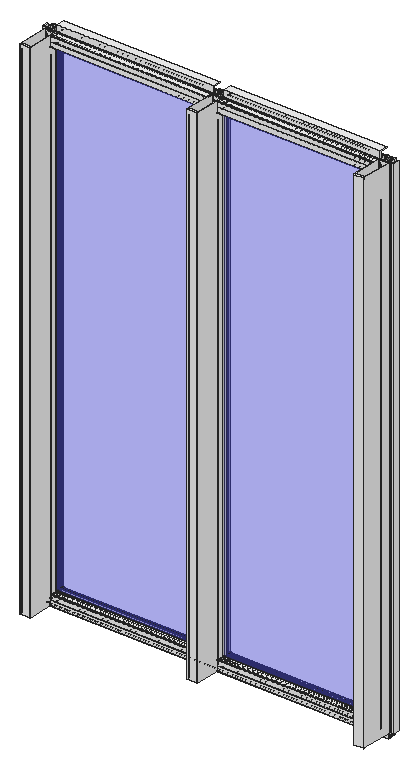
Revit family "Facade_60_Curtain_Wall_S21_Custom", category Windows, host Wall, Revit 2014 (continued)
Definition of nested family "F60 Vertical Profile Side_S21_Cust"
  Automatic sketch dimensions
    Extrusion 9 sketch curve to plane 1 "Center (Front/Back)" = 0.385 mm  (x2)
    Extrusion 9 sketch curve to Extrusion 9 sketch curve = 0.756 mm
    Extrusion 9 sketch curve to Extrusion 9 sketch curve = 2.153 mm
    Extrusion 9 sketch curve to Extrusion 9 sketch curve = 0.631 mm
    Extrusion 9 sketch curve to Extrusion 9 sketch curve = 0.807 mm
    Extrusion 9 sketch curve to Extrusion 9 sketch curve = 1.646 mm
    Extrusion 9 sketch curve to Extrusion 9 sketch curve = 0.707 mm
    Extrusion 9 sketch curve to Extrusion 9 sketch curve = 1.393 mm
    Extrusion 9 sketch curve to Extrusion 9 sketch curve = 1.923 mm
    Extrusion 9 sketch curve to Extrusion 9 sketch curve = 11.937 mm
    Extrusion 9 sketch curve to Extrusion 9 sketch curve = 1.6 mm
    Extrusion 9 sketch curve to Extrusion 9 sketch curve = 0.9 mm  (x2)
    Extrusion 9 sketch curve to Extrusion 9 sketch curve = 1.356 mm  (x2)
    Extrusion 9 sketch curve to Extrusion 9 sketch curve = 0.714 mm
    Extrusion 9 sketch curve to Extrusion 9 sketch curve = 0.02 mm
    Extrusion 9 sketch curve to Extrusion 9 sketch curve = 0.399 mm
    Extrusion 9 sketch curve to Extrusion 9 sketch curve = 2.224 mm
    Extrusion 9 sketch curve to Extrusion 9 sketch curve = 0.448 mm
    Extrusion 9 sketch curve to plane 1 "Center (Front/Back)" = 0.198 mm
    Extrusion 9 sketch curve to plane 1 "Center (Front/Back)" = 0.201 mm
    Extrusion 9 sketch curve to Extrusion 9 sketch curve = 0.032 mm
    Extrusion 9 sketch curve to Extrusion 9 sketch curve = 0 mm
    plane 3 "Center (Left/Right)" to Extrusion 10 sketch curve = 1.014 mm
    Extrusion 10 sketch curve to Extrusion 10 sketch curve = 0.469 mm  (x2)
    plane 3 "Center (Left/Right)" to Extrusion 10 sketch curve = 1.706 mm
    Extrusion 10 sketch curve to Extrusion 10 sketch curve = 1.079 mm
    Extrusion 10 sketch curve to Extrusion 10 sketch curve = 0.864 mm
    Extrusion 10 sketch curve to Extrusion 10 sketch curve = 1.15 mm  (x4)
    Extrusion 10 sketch curve to Extrusion 10 sketch curve = 3.2 mm  (x2)
    Extrusion 10 sketch curve to Extrusion 10 sketch curve = 3.031 mm  (x2)
    Extrusion 10 sketch curve to Extrusion 10 sketch curve = 0.6 mm  (x3)
    Extrusion 10 sketch curve to Extrusion 10 sketch curve = 15.584 mm  (x2)
    Extrusion 10 sketch curve to Extrusion 10 sketch curve = 0.808 mm  (x2)
    Extrusion 10 sketch curve to Extrusion 10 sketch curve = 3.038 mm
    Extrusion 10 sketch curve to Extrusion 10 sketch curve = 0.865 mm
    Extrusion 10 sketch curve to Extrusion 10 sketch curve = 1.25 mm  (x5)
    Extrusion 10 sketch curve to Extrusion 10 sketch curve = 0.61 mm
    plane 1 "Center (Front/Back)" to Extrusion 10 sketch curve = 31.288 mm
    Extrusion 10 sketch curve to Extrusion 10 sketch curve = 0.362 mm
    plane 1 "Center (Front/Back)" to Extrusion 10 sketch curve = 31.65 mm
    Extrusion 10 sketch curve to Extrusion 10 sketch curve = 0.962 mm
    Extrusion 10 sketch curve to Extrusion 10 sketch curve = 0.85 mm
    Extrusion 10 sketch curve to Extrusion 10 sketch curve = 0.512 mm  (x2)
    Extrusion 10 sketch curve to Extrusion 10 sketch curve = 0.4 mm  (x2)
    Extrusion 10 sketch curve to Extrusion 10 sketch curve = 1 mm
    Extrusion 10 sketch curve to Extrusion 10 sketch curve = 2.8 mm
    Extrusion 10 sketch curve to Extrusion 10 sketch curve = 0 mm  (x2)
    Extrusion 10 sketch curve to Extrusion 10 sketch curve = 1.4 mm
    Extrusion 10 sketch curve to Extrusion 10 sketch curve = 0.539 mm  (x2)
    plane 1 "Center (Front/Back)" to Extrusion 10 sketch curve = 28.864 mm
    Extrusion 11 sketch curve to plane 3 "Center (Left/Right)" = 0 mm
    plane 3 "Center (Left/Right)" to Extrusion 11 sketch curve = 0.65 mm
    Extrusion 11 sketch curve to Extrusion 11 sketch curve = 0.128 mm  (x2)
    plane 3 "Center (Left/Right)" to Extrusion 11 sketch curve = 1.014 mm
    plane 3 "Center (Left/Right)" to Extrusion 11 sketch curve = 1.05 mm
    Extrusion 11 sketch curve to Extrusion 11 sketch curve = 0.469 mm  (x2)
    Extrusion 11 sketch curve to Extrusion 11 sketch curve = 1.079 mm
    Extrusion 11 sketch curve to Extrusion 11 sketch curve = 1.317 mm  (x2)
    Extrusion 11 sketch curve to Extrusion 11 sketch curve = 0 mm  (x3)
    plane 3 "Center (Left/Right)" to Extrusion 11 sketch curve = 3.85 mm
    Extrusion 11 sketch curve to Extrusion 11 sketch curve = 0.15 mm  (x2)
    Extrusion 11 sketch curve to Extrusion 11 sketch curve = 26 mm  (x2)
    Extrusion 11 sketch curve to Extrusion 11 sketch curve = 1.05 mm
    Extrusion 11 sketch curve to Extrusion 11 sketch curve = 0.707 mm
    Extrusion 11 sketch curve to Extrusion 11 sketch curve = 0.433 mm
    plane 1 "Center (Front/Back)" to Extrusion 11 sketch curve = 31.288 mm
    plane 1 "Center (Front/Back)" to Extrusion 11 sketch curve = 28.065 mm
    Extrusion 11 sketch curve to Extrusion 11 sketch curve = 1.314 mm
    Extrusion 11 sketch curve to Extrusion 11 sketch curve = 0.65 mm
    Extrusion 11 sketch curve to Extrusion 11 sketch curve = 0.5 mm  (x2)
    plane 1 "Center (Front/Back)" to Extrusion 11 sketch curve = 32.75 mm
    Extrusion 11 sketch curve to Extrusion 11 sketch curve = 0.1 mm  (x3)
    Extrusion 11 sketch curve to Extrusion 11 sketch curve = 1.1 mm  (x2)
    Extrusion 11 sketch curve to Extrusion 11 sketch curve = 8.608 mm
    Extrusion 11 sketch curve to Extrusion 11 sketch curve = 0.962 mm
    Extrusion 12 sketch curve to plane 3 "Center (Left/Right)" = 21.349 mm
    Extrusion 12 sketch curve to Extrusion 12 sketch curve = 6.35 mm
    plane 3 "Center (Left/Right)" to Extrusion 12 sketch curve = 10.403 mm
    plane 1 "Center (Front/Back)" to Extrusion 12 sketch curve = 35.567 mm
    plane 1 "Center (Front/Back)" to Extrusion 12 sketch curve = 10.171 mm
    plane 1 "Center (Front/Back)" to Extrusion 12 sketch curve = 3.821 mm
    Extrusion 13 sketch curve to plane 3 "Center (Left/Right)" = 21.35 mm
    Extrusion 13 sketch curve to Extrusion 13 sketch curve = 6.35 mm
    plane 3 "Center (Left/Right)" to Extrusion 13 sketch curve = 10.402 mm
    plane 1 "Center (Front/Back)" to Extrusion 13 sketch curve = 33.172 mm
    plane 1 "Center (Front/Back)" to Extrusion 13 sketch curve = 7.775 mm
    plane 1 "Center (Front/Back)" to Extrusion 13 sketch curve = 1.425 mm
    Extrusion 14 sketch curve to plane 3 "Center (Left/Right)" = 0 mm
    plane 3 "Center (Left/Right)" to Extrusion 14 sketch curve = 1.2 mm
    Extrusion 14 sketch curve to Extrusion 14 sketch curve = 9.6 mm
    Extrusion 14 sketch curve to Extrusion 14 sketch curve = 1.2 mm  (x3)
    plane 1 "Center (Front/Back)" to Extrusion 14 sketch curve = 25.775 mm
    plane 1 "Center (Front/Back)" to Extrusion 14 sketch curve = 8.975 mm
    curve 4 to Extrusion 6 = 0 mm
    curve 3 to Extrusion 6 = 0 mm
    curve 1 to Extrusion 6 = 0 mm
    curve 4 to Extrusion 6 = 3.6 mm
    curve 3 to Extrusion 6 = 3.6 mm
    curve 1 to Extrusion 6 = 3.6 mm
    Extrusion 6 to curve 2 = 1 mm
    Extrusion 6 to curve 5 = 1 mm
    Extrusion 6 to curve 6 = 1 mm
    curve 6 to Extrusion 6 = 1 mm
    curve 5 to Extrusion 6 = 1 mm
    curve 2 to Extrusion 6 = 1 mm
    curve 9 to Extrusion 6 = 0 mm
    curve 8 to Extrusion 6 = 0 mm
    curve 7 to Extrusion 6 = 0 mm
    Extrusion 6 to curve 8 = 3.6 mm
    Extrusion 6 to curve 9 = 3.6 mm
    Extrusion 6 to curve 7 = 3.6 mm
    curve 12 to Extrusion 5 = 25.894 mm
    curve 11 to Extrusion 5 = 25.894 mm
    curve 10 to Extrusion 5 = 25.894 mm
    curve 10 to Extrusion 5 = 0.108 mm
    Extrusion 5 to curve 12 = 0.703 mm
    Extrusion 5 to curve 11 = 0.703 mm
    curve 13 to Extrusion 5 = 4 mm
    curve 14 to Extrusion 5 = 4 mm
    curve 15 to Extrusion 5 = 4 mm
    Extrusion 5 to curve 15 = 0.702 mm
    Extrusion 5 to curve 14 = 0.702 mm
    Extrusion 5 to curve 13 = 0.702 mm
    curve 18 to Extrusion 7 = 0 mm
    curve 17 to Extrusion 7 = 0 mm
    curve 16 to Extrusion 7 = 0 mm
    Extrusion 7 to curve 17 = 3.6 mm
    Extrusion 7 to curve 18 = 3.6 mm
    Extrusion 7 to curve 16 = 3.6 mm
    Extrusion 7 to curve 21 = 1 mm  (x2)
    Extrusion 7 to curve 20 = 1 mm  (x2)
    Extrusion 7 to curve 19 = 1 mm  (x2)
    curve 24 to Extrusion 7 = 0 mm
    curve 23 to Extrusion 7 = 0 mm
    curve 22 to Extrusion 7 = 0 mm
    curve 24 to Extrusion 7 = 3.6 mm
    curve 23 to Extrusion 7 = 3.6 mm
    curve 22 to Extrusion 7 = 3.6 mm
    curve 27 to Extrusion 8 = 0 mm
    curve 26 to Extrusion 8 = 0 mm
    curve 25 to Extrusion 8 = 0 mm
    Extrusion 8 to curve 26 = 3.6 mm
    Extrusion 8 to curve 27 = 3.6 mm
    Extrusion 8 to curve 25 = 3.6 mm
    Extrusion 8 to curve 30 = 0.221 mm
    Extrusion 8 to curve 29 = 0.221 mm
    Extrusion 8 to curve 28 = 0.221 mm
    curve 29 to Extrusion 8 = 0.222 mm
    curve 30 to Extrusion 8 = 0.222 mm
    curve 28 to Extrusion 8 = 0.222 mm
    curve 33 to Extrusion 8 = 0 mm
    curve 32 to Extrusion 8 = 0 mm
    curve 31 to Extrusion 8 = 0 mm
    curve 33 to Extrusion 8 = 3.6 mm
    curve 32 to Extrusion 8 = 3.6 mm
    curve 31 to Extrusion 8 = 3.6 mm
    curve 34 to Extrusion 11 = 4.016 mm
    curve 35 to Extrusion 11 = 4.016 mm
    curve 36 to Extrusion 11 = 3.97 mm
    Extrusion 11 to curve 36 = 0.637 mm
    Extrusion 11 to curve 35 = 0.637 mm
    Extrusion 11 to curve 34 = 0.637 mm
    curve 37 to Extrusion 11 = 29.221 mm
    curve 38 to Extrusion 11 = 29.221 mm
    curve 39 to Extrusion 11 = 29.221 mm
    Extrusion 11 to curve 39 = 3.222 mm
    Extrusion 11 to curve 38 = 3.222 mm
    Extrusion 11 to curve 37 = 3.222 mm
Definition of nested family "F60 Horizontal Profile Top_S21_Cust"
  Parameters (values of type "F60 Horizontal Profile Top")
    Thermal Break Material [instance] = none
    Single Glazing [instance] = yes
    Profile Material [instance] = none
    Length [instance] = 250 mm
    Double Glazing [instance] = yes
  Reference planes
    plane 1 "Center (Front/Back)": y = 0
    plane 2: z = 0
    plane 3 "Center (Left/Right)": x = 0
  Forms (mm)
    Extrusion 1, solid, material <- "Profile Material"
      sketch origin (0, 0, 0) x (0, 1, 0) y (0, 0, 1)
        loop
          line (-9.94, 7.845) -> (-8.37, 6.275) -> (-1.2, 10.415) -> (-1.2, 1.2) -> (-5, 1.2) -> (-5, 0) -> (-1, 0)
          arc (-1, 0) -> (-0.293, 0.293) -> (0, 1) r 1
          line (0, 1) -> (0, 30) -> (0, 59)
          arc (0, 59) -> (-0.293, 59.707) -> (-1, 60) r 1
          line (-1, 60) -> (-5, 60) -> (-5, 58.8) -> (-1.2, 58.8) -> (-1.2, 49.585) -> (-8.37, 53.725) -> (-9.94, 52.155)
          arc (-9.94, 52.155) -> (-9.902, 51.269) -> (-9.016, 51.232) r 0.655
          line (-9.016, 51.232) -> (-8.077, 52.17) -> (-1.2, 48.2) -> (-1.2, 30) -> (-1.2, 11.8) -> (-8.077, 7.83) -> (-9.016, 8.768)
          arc (-9.016, 8.768) -> (-9.902, 8.731) -> (-9.94, 7.845) r 0.655
      from 0 to 250 <- "Length"
    Extrusion 2, solid, material <- "Profile Material"
      sketch origin (0, 0, 0) x (0, 1, 0) y (0, 0, 1)
        loop
          line (-5, 60) -> (-44.6, 60) -> (-44.6, 58.35) -> (-39.944, 58.35) -> (-39.944, 1.65) -> (-44.6, 1.65) -> (-44.6, 0) -> (-5, 0) -> (-5, 2.2) -> (-4.2, 2.2) -> (-4.2, 3.018)
          arc (-4.2, 3.018) -> (-4.352, 3.783) -> (-4.786, 4.432) r 2
          line (-4.786, 4.432) -> (-7.054, 6.7) -> (-8, 6.489) -> (-8, 5.7) -> (-7.205, 5.7) -> (-7.205, 2.95) -> (-8, 2.95) -> (-8, 1.95) -> (-12.752, 1.95) -> (-12.752, 6.7) -> (-14.152, 6.7) -> (-14.152, 1.65) -> (-38.65, 1.65) -> (-38.65, 8.33) -> (-37.097, 8.33) -> (-34.666, 6.973)
          arc (-34.666, 6.973) -> (-33.846, 7.192) -> (-34.066, 8.012) r 0.6
          line (-34.066, 8.012) -> (-37.128, 9.78) -> (-38.65, 9.78) -> (-38.65, 12.65) -> (-37.6, 13.7) -> (-37.6, 20.3) -> (-38.65, 21.35) -> (-38.65, 38.65) -> (-37.6, 39.7) -> (-37.6, 46.3) -> (-38.65, 47.35) -> (-38.65, 50.22) -> (-37.128, 50.22) -> (-34.066, 51.988)
          arc (-34.066, 51.988) -> (-33.846, 52.808) -> (-34.666, 53.027) r 0.6
          line (-34.666, 53.027) -> (-37.032, 51.661) -> (-38.65, 51.661) -> (-38.65, 58.35) -> (-14.152, 58.35) -> (-14.152, 53.3) -> (-12.752, 53.3) -> (-12.752, 58.05) -> (-8, 58.05) -> (-8, 57.05) -> (-7.205, 57.05) -> (-7.205, 54.3) -> (-8, 54.3) -> (-8, 53.511) -> (-7.054, 53.3) -> (-4.786, 55.568)
          arc (-4.786, 55.568) -> (-4.352, 56.217) -> (-4.2, 56.982) r 2
          line (-4.2, 56.982) -> (-4.2, 57.8) -> (-5, 57.8) -> (-5, 60)
      from 0 to 250 <- "Length"
    Extrusion 3, solid, material <- "Thermal Break Material"
      sketch origin (0, 0, 0) x (0, 1, 0) y (0, 0, 1)
        loop
          line (-40, 1.75) -> (-40, 30) -> (-40, 58.25) -> (-44.6, 58.25) -> (-44.6, 60) -> (-45.9, 60) -> (-45.9, 53.65) -> (-41.788, 53.65)
          arc (-41.788, 53.65) -> (-41.363, 53.474) -> (-41.187, 53.05) r 0.6
          line (-41.187, 53.05) -> (-41.187, 30) -> (-41.187, 6.95)
          arc (-41.187, 6.95) -> (-41.363, 6.526) -> (-41.788, 6.35) r 0.6
          line (-41.788, 6.35) -> (-45.9, 6.35) -> (-45.9, 0) -> (-44.6, 0) -> (-44.6, 1.75) -> (-40, 1.75)
      from 0 to 250 <- "Length"
    Extrusion 4, solid, material <- "Profile Material"
      sketch origin (0, 0, 0) x (0, 1, 0) y (0, 0, 1)
        loop
          line (-58.5, 25.249) -> (-43.6, 25.249)
          arc (-43.6, 25.249) -> (-43.034, 25.015) -> (-42.8, 24.449) r 0.8
          line (-42.8, 24.449) -> (-42.8, 7.9) -> (-44.4, 7.9) -> (-44.4, 9.45) -> (-45.25, 9.45)
          arc (-45.25, 9.45) -> (-45.674, 9.274) -> (-45.85, 8.85) r 0.6
          line (-45.85, 8.85) -> (-45.85, 7.9) -> (-48.8, 7.9)
          arc (-48.8, 7.9) -> (-49.3, 8.4) -> (-49.8, 7.9) r 0.5
          line (-49.8, 7.9) -> (-49.8, 5.55) -> (-48.65, 5.55) -> (-48.65, 6.7) -> (-47.35, 6.7) -> (-47.35, 1.2) -> (-48.65, 1.2) -> (-48.65, 2.35) -> (-49.8, 2.35) -> (-49.8, 0.5)
          arc (-49.8, 0.5) -> (-49.654, 0.146) -> (-49.3, 0) r 0.5
          line (-49.3, 0) -> (-45.9, 0) -> (-45.9, 6.45) -> (-42.2, 6.45)
          arc (-42.2, 6.45) -> (-41.634, 6.684) -> (-41.4, 7.25) r 0.8
          line (-41.4, 7.25) -> (-41.4, 30) -> (-41.4, 52.75)
          arc (-41.4, 52.75) -> (-41.634, 53.316) -> (-42.2, 53.55) r 0.8
          line (-42.2, 53.55) -> (-45.9, 53.55) -> (-45.9, 60) -> (-49.3, 60)
          arc (-49.3, 60) -> (-49.654, 59.854) -> (-49.8, 59.5) r 0.5
          line (-49.8, 59.5) -> (-49.8, 57.65) -> (-48.65, 57.65) -> (-48.65, 58.8) -> (-47.35, 58.8) -> (-47.35, 53.3) -> (-48.65, 53.3) -> (-48.65, 54.45) -> (-49.8, 54.45) -> (-49.8, 52.1)
          arc (-49.8, 52.1) -> (-49.3, 51.6) -> (-48.8, 52.1) r 0.5
          line (-48.8, 52.1) -> (-45.85, 52.1) -> (-45.85, 51.15)
          arc (-45.85, 51.15) -> (-45.674, 50.726) -> (-45.25, 50.55) r 0.6
          line (-45.25, 50.55) -> (-44.4, 50.55) -> (-44.4, 52.1) -> (-42.8, 52.1) -> (-42.8, 35.551)
          arc (-42.8, 35.551) -> (-43.034, 34.985) -> (-43.6, 34.751) r 0.8
          line (-43.6, 34.751) -> (-58.5, 34.751)
          arc (-58.5, 34.751) -> (-59.066, 34.516) -> (-59.3, 33.951) r 0.8
          line (-59.3, 33.951) -> (-59.3, 32.902) -> (-42.8, 32.902) -> (-42.8, 27.1) -> (-59.3, 27.1) -> (-59.3, 26.049)
          arc (-59.3, 26.049) -> (-59.066, 25.484) -> (-58.5, 25.249) r 0.8
      from 0 to 250 <- "Length"
    Extrusion 5, solid, material <- "Thermal Break Material", visible <- "Single Glazing"
      sketch origin (0, 0, 0) x (0, 1, 0) y (0, 0, 1)
        loop
          arc (-63.8, 25.751) -> (-63.654, 25.397) -> (-63.3, 25.251) r 0.5
          line (-63.3, 25.251) -> (-59.8, 25.251)
          arc (-59.8, 25.251) -> (-59.446, 25.397) -> (-59.3, 25.751) r 0.5
          line (-59.3, 25.751) -> (-59.3, 27.648) -> (-49.599, 27.648) -> (-47.528, 28.651)
          arc (-47.528, 28.651) -> (-46.803, 30.001) -> (-47.528, 31.351) r 1.62
          line (-47.528, 31.351) -> (-49.599, 32.353) -> (-59.3, 32.353) -> (-59.3, 34.251)
          arc (-59.3, 34.251) -> (-59.446, 34.604) -> (-59.8, 34.751) r 0.5
          line (-59.8, 34.751) -> (-63.3, 34.751)
          arc (-63.3, 34.751) -> (-63.654, 34.604) -> (-63.8, 34.251) r 0.5
          line (-63.8, 34.251) -> (-63.8, 32.328) -> (-62.4, 31.52) -> (-62.4, 28.483) -> (-63.8, 27.673) -> (-63.8, 25.751)
        loop
          line (-59.794, 28.506) -> (-59.006, 29.294)
          arc (-59.006, 29.294) -> (-58.788, 29.618) -> (-58.713, 30.001) r 0.986
          arc (-58.713, 30.001) -> (-58.79, 30.384) -> (-59.008, 30.71) r 1.007
          line (-59.008, 30.71) -> (-59.794, 31.496) -> (-60.65, 31.496)
          arc (-60.65, 31.496) -> (-61.004, 31.349) -> (-61.15, 30.996) r 0.5
          line (-61.15, 30.996) -> (-61.15, 29.006)
          arc (-61.15, 29.006) -> (-61.004, 28.652) -> (-60.65, 28.506) r 0.5
          line (-60.65, 28.506) -> (-59.794, 28.506)
        loop
          line (-47.854, 30.898) -> (-49.415, 31.653) -> (-56.782, 31.653)
          arc (-56.782, 31.653) -> (-57.207, 31.417) -> (-57.23, 30.932) r 0.5
          arc (-57.23, 30.932) -> (-57.013, 30.001) -> (-57.23, 29.07) r 2.099
          arc (-57.23, 29.07) -> (-57.207, 28.584) -> (-56.782, 28.348) r 0.5
          line (-56.782, 28.348) -> (-49.415, 28.348) -> (-48.055, 29.007)
          arc (-48.055, 29.007) -> (-47.35, 29.888) -> (-47.854, 30.898) r 1.047
      from 0 to 250 <- "Length"
    Extrusion 6, solid, material <- "Profile Material", visible <- "Single Glazing"
      sketch origin (0, 0, 0) x (0, 1, 0) y (0, 0, 1)
        loop
          line (-63.8, 52.694) -> (-64.8, 52.694) -> (-64.8, 51.544) -> (-66.05, 51.544) -> (-66.05, 57.044) -> (-64.8, 57.044) -> (-64.8, 55.894) -> (-63.8, 55.894) -> (-63.8, 58.294)
          arc (-63.8, 58.294) -> (-64.082, 58.803) -> (-64.664, 58.835) r 0.6
          line (-64.664, 58.835) -> (-66.562, 57.91) -> (-67.088, 58.988) -> (-68.05, 58.519) -> (-68.05, 48.513)
          arc (-68.05, 48.513) -> (-67.874, 48.089) -> (-67.45, 47.913) r 0.6
          line (-67.45, 47.913) -> (-66.6, 47.913) -> (-66.6, 12.09) -> (-67.45, 12.09)
          arc (-67.45, 12.09) -> (-67.874, 11.914) -> (-68.05, 11.49) r 0.6
          line (-68.05, 11.49) -> (-68.05, 1.485) -> (-67.088, 1.016) -> (-66.562, 2.095) -> (-64.663, 1.169)
          arc (-64.663, 1.169) -> (-64.082, 1.2) -> (-63.8, 1.709) r 0.6
          line (-63.8, 1.709) -> (-63.8, 4.109) -> (-64.8, 4.109) -> (-64.8, 2.959) -> (-66.05, 2.959) -> (-66.05, 8.459) -> (-64.8, 8.459) -> (-64.8, 7.309) -> (-63.8, 7.309) -> (-63.8, 27.674) -> (-62.4, 28.483) -> (-62.4, 31.521) -> (-63.8, 32.329) -> (-63.8, 52.694)
      from 0 to 250 <- "Length"
    Extrusion 7, solid, material <- "Profile Material", visible <- "Single Glazing"
      sketch origin (0, 0, 0) x (0, 1, 0) y (0, 0, 1)
        loop
          line (-68.551, 3.3) -> (-76.559, 3.3) -> (-76.559, 30) -> (-76.559, 56.15)
          arc (-76.559, 56.15) -> (-75.739, 58.13) -> (-73.759, 58.95) r 2.8
          line (-73.759, 58.95) -> (-69.151, 58.95) -> (-69.151, 57.2)
          arc (-69.151, 57.2) -> (-68.987, 56.829) -> (-68.601, 56.703) r 0.5
          arc (-68.601, 56.703) -> (-68.216, 56.829) -> (-68.051, 57.2) r 0.5
          line (-68.051, 57.2) -> (-68.051, 58.517) -> (-67.089, 58.986) -> (-66.563, 57.907) -> (-63.866, 59.222)
          arc (-63.866, 59.222) -> (-64.001, 59.762) -> (-64.504, 60) r 0.65
          line (-64.504, 60) -> (-73.859, 60)
          arc (-73.859, 60) -> (-76.687, 58.828) -> (-77.859, 56) r 4
          line (-77.859, 56) -> (-77.859, 30) -> (-77.859, 2.493)
          arc (-77.859, 2.493) -> (-77.197, 0.799) -> (-75.562, 0.002) r 2.5
          arc (-75.562, 0.002) -> (-75.182, 0.132) -> (-75.021, 0.5) r 0.5
          line (-75.021, 0.5) -> (-75.021, 2) -> (-69.151, 2) -> (-69.151, 0.5)
          arc (-69.151, 0.5) -> (-69.005, 0.146) -> (-68.651, 0) r 0.5
          line (-68.651, 0) -> (-64.504, 0)
          arc (-64.504, 0) -> (-64.001, 0.238) -> (-63.866, 0.778) r 0.65
          line (-63.866, 0.778) -> (-66.563, 2.093) -> (-67.089, 1.014) -> (-68.051, 1.483) -> (-68.051, 2.8)
          arc (-68.051, 2.8) -> (-68.198, 3.154) -> (-68.551, 3.3) r 0.5
      from 0 to 250 <- "Length"
    Extrusion 8, solid, material <- "Thermal Break Material", visible <- "Double Glazing"
      sketch origin (0, 0, 0) x (0, 1, 0) y (0, 0, 1)
        loop
          line (-77.8, 27.673) -> (-77.8, 25.751)
          arc (-77.8, 25.751) -> (-77.654, 25.397) -> (-77.3, 25.251) r 0.5
          line (-77.3, 25.251) -> (-59.8, 25.251)
          arc (-59.8, 25.251) -> (-59.446, 25.397) -> (-59.3, 25.751) r 0.5
          line (-59.3, 25.751) -> (-59.3, 27.647) -> (-49.599, 27.647) -> (-47.528, 28.649)
          arc (-47.528, 28.649) -> (-46.803, 29.999) -> (-47.528, 31.349) r 1.62
          line (-47.528, 31.349) -> (-49.602, 32.353) -> (-59.3, 32.353) -> (-59.3, 34.251)
          arc (-59.3, 34.251) -> (-59.446, 34.604) -> (-59.8, 34.751) r 0.5
          line (-59.8, 34.751) -> (-77.3, 34.751)
          arc (-77.3, 34.751) -> (-77.654, 34.604) -> (-77.8, 34.251) r 0.5
          line (-77.8, 34.251) -> (-77.8, 32.327) -> (-76.4, 31.52) -> (-76.4, 28.482) -> (-77.8, 27.673)
        loop
          line (-59.006, 30.708) -> (-61.156, 32.858)
          arc (-61.156, 32.858) -> (-61.48, 33.074) -> (-61.863, 33.151) r 1
          line (-61.863, 33.151) -> (-73.8, 33.151)
          arc (-73.8, 33.151) -> (-74.507, 32.858) -> (-74.8, 32.151) r 1
          line (-74.8, 32.151) -> (-74.8, 27.851)
          arc (-74.8, 27.851) -> (-74.507, 27.144) -> (-73.8, 26.851) r 1
          line (-73.8, 26.851) -> (-61.863, 26.851)
          arc (-61.863, 26.851) -> (-61.48, 26.927) -> (-61.156, 27.144) r 1
          line (-61.156, 27.144) -> (-59.006, 29.294)
          arc (-59.006, 29.294) -> (-58.788, 29.618) -> (-58.713, 30.001) r 0.986
          arc (-58.713, 30.001) -> (-58.79, 30.383) -> (-59.006, 30.708) r 1.007
        loop
          line (-56.782, 28.347) -> (-49.415, 28.347) -> (-48.055, 29.005)
          arc (-48.055, 29.005) -> (-47.35, 29.887) -> (-47.854, 30.896) r 1.047
          line (-47.854, 30.896) -> (-49.415, 31.652) -> (-56.782, 31.652)
          arc (-56.782, 31.652) -> (-57.207, 31.416) -> (-57.23, 30.93) r 0.5
          arc (-57.23, 30.93) -> (-57.013, 29.999) -> (-57.23, 29.068) r 2.099
          arc (-57.23, 29.068) -> (-57.207, 28.583) -> (-56.782, 28.347) r 0.5
      from 0 to 250 <- "Length"
    Extrusion 9, solid, material <- "Profile Material", visible <- "Double Glazing"
      sketch origin (0, 0, 0) x (0, 1, 0) y (0, 0, 1)
        loop
          line (-77.8, 52.694) -> (-78.8, 52.694) -> (-78.8, 51.544) -> (-80.05, 51.544) -> (-80.05, 57.044) -> (-78.8, 57.044) -> (-78.8, 55.894) -> (-77.8, 55.894) -> (-77.8, 58.294)
          arc (-77.8, 58.294) -> (-78.082, 58.802) -> (-78.664, 58.834) r 0.6
          line (-78.664, 58.834) -> (-80.562, 57.909) -> (-81.088, 58.988) -> (-82.05, 58.518) -> (-82.05, 48.512)
          arc (-82.05, 48.512) -> (-81.874, 48.088) -> (-81.45, 47.912) r 0.6
          line (-81.45, 47.912) -> (-80.6, 47.912) -> (-80.6, 12.089) -> (-81.45, 12.089)
          arc (-81.45, 12.089) -> (-81.874, 11.913) -> (-82.05, 11.489) r 0.6
          line (-82.05, 11.489) -> (-82.05, 1.484) -> (-81.088, 1.015) -> (-80.562, 2.094) -> (-78.663, 1.169)
          arc (-78.663, 1.169) -> (-78.082, 1.199) -> (-77.8, 1.708) r 0.6
          line (-77.8, 1.708) -> (-77.8, 4.108) -> (-78.8, 4.108) -> (-78.8, 2.958) -> (-80.05, 2.958) -> (-80.05, 8.458) -> (-78.8, 8.458) -> (-78.8, 7.308) -> (-77.8, 7.308) -> (-77.8, 27.673) -> (-76.4, 28.482) -> (-76.4, 31.52) -> (-77.8, 32.328) -> (-77.8, 52.694)
      from 0 to 250 <- "Length"
    Extrusion 10, solid, material <- "Profile Material", visible <- "Double Glazing"
      sketch origin (0, 0, 0) x (0, 1, 0) y (0, 0, 1)
        loop
          line (-82.551, 3.3) -> (-90.558, 3.3) -> (-90.558, 30) -> (-90.558, 56.15)
          arc (-90.558, 56.15) -> (-89.738, 58.13) -> (-87.758, 58.95) r 2.8
          line (-87.758, 58.95) -> (-83.151, 58.95) -> (-83.151, 57.2)
          arc (-83.151, 57.2) -> (-82.986, 56.829) -> (-82.601, 56.703) r 0.5
          arc (-82.601, 56.703) -> (-82.215, 56.829) -> (-82.051, 57.2) r 0.5
          line (-82.051, 57.2) -> (-82.051, 58.517) -> (-81.088, 58.986) -> (-80.563, 57.907) -> (-77.866, 59.222)
          arc (-77.866, 59.222) -> (-78, 59.762) -> (-78.503, 60) r 0.65
          line (-78.503, 60) -> (-87.858, 60)
          arc (-87.858, 60) -> (-90.687, 58.828) -> (-91.858, 56) r 4
          line (-91.858, 56) -> (-91.858, 30) -> (-91.858, 2.493)
          arc (-91.858, 2.493) -> (-91.196, 0.799) -> (-89.561, 0.002) r 2.5
          arc (-89.561, 0.002) -> (-89.182, 0.132) -> (-89.021, 0.5) r 0.5
          line (-89.021, 0.5) -> (-89.021, 2) -> (-83.151, 2) -> (-83.151, 0.5)
          arc (-83.151, 0.5) -> (-83.004, 0.146) -> (-82.651, 0) r 0.5
          line (-82.651, 0) -> (-78.503, 0)
          arc (-78.503, 0) -> (-78, 0.238) -> (-77.866, 0.778) r 0.65
          line (-77.866, 0.778) -> (-80.563, 2.093) -> (-81.088, 1.014) -> (-82.051, 1.483) -> (-82.051, 2.8)
          arc (-82.051, 2.8) -> (-82.197, 3.154) -> (-82.551, 3.3) r 0.5
      from 0 to 250 <- "Length"
    Extrusion 11, solid, material <- "Profile Material", visible <- "Double Glazing"
      sketch origin (0, 0, 0) x (0, 1, 0) y (0, 0, 1)
        loop
          line (-57.8, 45.73) -> (-51.8, 45.73) -> (-51.8, 95.73) -> (-101.8, 95.73) -> (-101.8, 89.73) -> (-57.8, 89.73) -> (-57.8, 45.73)
      from 0 to 250 <- "Length"
    Extrusion 12, solid, material <- "Profile Material", visible <- "Double Glazing"
      sketch origin (0, 0, 0) x (0, 1, 0) y (0, 0, 1)
        loop
          line (-75.8, 48) -> (-57.8, 48) -> (-57.8, 60) -> (-75.8, 60) -> (-75.8, 48)
        loop
          line (-74.6, 49.2) -> (-59, 49.2) -> (-59, 58.8) -> (-74.6, 58.8) -> (-74.6, 49.2)
      from 0 to 250 <- "Length"
    Extrusion 13, solid, material <- "Profile Material", visible <- "Single Glazing"
      sketch origin (0, 0, 0) x (0, 1, 0) y (0, 0, 1)
        loop
          line (-59.8, 45.865) -> (-53.8, 45.865) -> (-53.8, 95.865) -> (-103.8, 95.865) -> (-103.8, 89.865) -> (-59.8, 89.865) -> (-59.8, 45.865)
      from 0 to 250 <- "Length"
  Dimensions and locks
    aligned and locked: level to plane 2
Definition of nested family "F60 Sill_S21_Cust"
  Parameters (values of type "F60 Sill")
    Profile Material [instance] = none
    Length Sill [instance] = 250 mm
  Reference planes
    plane 1 "Center (Front/Back)": y = 0
    plane 2: z = 0
    plane 3 "Center (Left/Right)": x = 0
  Forms (mm)
    Extrusion 1, solid, material <- "Profile Material"
      sketch origin (0, 0, 0) x (0, 1, 0) y (0, 0, 1)
        loop
          line (-42.734, 5.324) -> (-48.256, 4.643)
          arc (-48.256, 4.643) -> (-49.196, 4.147) -> (-49.572, 3.154) r 1.5
          line (-49.572, 3.154) -> (-49.572, 1.88) -> (-47.772, 1.88) -> (-47.772, 3.191) -> (-19.233, 6.714)
          arc (-19.233, 6.714) -> (-17.924, 7.083) -> (-16.785, 7.826) r 4.5
          line (-16.785, 7.826) -> (-16.785, 1.88) -> (-15.285, 1.88) -> (-15.285, 24.58)
          arc (-15.285, 24.58) -> (-15.109, 25.004) -> (-14.685, 25.18) r 0.6
          line (-14.685, 25.18) -> (-4.072, 25.18) -> (-4.072, 1.88) -> (-2.572, 1.88) -> (-2.572, 29.88) -> (-4.072, 29.88) -> (-4.072, 28.88) -> (-5.222, 28.88) -> (-5.222, 27.68) -> (-4.072, 27.68) -> (-4.072, 26.38) -> (-9.572, 26.38) -> (-9.572, 27.68) -> (-8.422, 27.68) -> (-8.422, 28.88) -> (-10.172, 28.88)
          arc (-10.172, 28.88) -> (-10.597, 28.704) -> (-10.772, 28.28) r 0.6
          line (-10.772, 28.28) -> (-10.772, 26.38) -> (-15.285, 26.38)
          arc (-15.285, 26.38) -> (-16.345, 25.941) -> (-16.785, 24.88) r 1.5
          line (-16.785, 24.88) -> (-16.785, 11.18)
          arc (-16.785, 11.18) -> (-17.537, 9.193) -> (-19.417, 8.203) r 3
          line (-19.417, 8.203) -> (-39.35, 5.742)
          arc (-39.35, 5.742) -> (-40.527, 6.107) -> (-41.034, 7.231) r 1.5
          line (-41.034, 7.231) -> (-41.034, 19.996)
          arc (-41.034, 19.996) -> (-40.883, 20.394) -> (-40.507, 20.592) r 0.6
          line (-40.507, 20.592) -> (-32.917, 21.529)
          arc (-32.917, 21.529) -> (-31.977, 22.024) -> (-31.601, 23.017) r 1.5
          line (-31.601, 23.017) -> (-31.601, 28.88) -> (-33.101, 28.88) -> (-33.101, 23.548)
          arc (-33.101, 23.548) -> (-33.251, 23.15) -> (-33.627, 22.952) r 0.6
          line (-33.627, 22.952) -> (-45.787, 21.451)
          arc (-45.787, 21.451) -> (-46.727, 20.956) -> (-47.104, 19.962) r 1.5
          line (-47.104, 19.962) -> (-47.104, 19.054)
          arc (-47.104, 19.054) -> (-46.957, 18.7) -> (-46.604, 18.554) r 0.5
          line (-46.604, 18.554) -> (-45.604, 18.554) -> (-45.604, 19.962) -> (-42.734, 20.317) -> (-42.734, 5.324)
      from 0 to 250 <- "Length Sill"
  Dimensions and locks
    aligned and locked: level to plane 2
Definition of nested family "F60 Horizontal Profile Bottom_S21_Cust"
  Parameters (values of type "F60 Horizontal Profile Bottom")
    Thermal Break Material [instance] = none
    Single Glazing [instance] = yes
    Profile Material [instance] = none
    Length [instance] = 250 mm
    Double Glazing [instance] = yes
  Reference planes
    plane 1 "Center (Front/Back)": y = 0
    plane 2: z = 0
    plane 3 "Center (Left/Right)": x = 0
  Forms (mm)
    Extrusion 1, solid, material <- "Profile Material"
      sketch origin (0, 0, 0) x (0, 1, 0) y (0, 0, 1)
        loop
          line (-9.94, 7.845) -> (-8.37, 6.275) -> (-1.2, 10.415) -> (-1.2, 1.2) -> (-5, 1.2) -> (-5, 0) -> (-1, 0)
          arc (-1, 0) -> (-0.293, 0.293) -> (0, 1) r 1
          line (0, 1) -> (0, 30) -> (0, 59)
          arc (0, 59) -> (-0.293, 59.707) -> (-1, 60) r 1
          line (-1, 60) -> (-5, 60) -> (-5, 58.8) -> (-1.2, 58.8) -> (-1.2, 49.585) -> (-8.37, 53.725) -> (-9.94, 52.155)
          arc (-9.94, 52.155) -> (-9.902, 51.269) -> (-9.016, 51.232) r 0.655
          line (-9.016, 51.232) -> (-8.077, 52.17) -> (-1.2, 48.2) -> (-1.2, 30) -> (-1.2, 11.8) -> (-8.077, 7.83) -> (-9.016, 8.768)
          arc (-9.016, 8.768) -> (-9.902, 8.731) -> (-9.94, 7.845) r 0.655
      from 0 to 250 <- "Length"
    Extrusion 2, solid, material <- "Profile Material"
      sketch origin (0, 0, 0) x (0, 1, 0) y (0, 0, 1)
        loop
          line (-5, 60) -> (-44.6, 60) -> (-44.6, 58.35) -> (-39.944, 58.35) -> (-39.944, 1.65) -> (-44.6, 1.65) -> (-44.6, 0) -> (-5, 0) -> (-5, 2.2) -> (-4.2, 2.2) -> (-4.2, 3.018)
          arc (-4.2, 3.018) -> (-4.352, 3.783) -> (-4.786, 4.432) r 2
          line (-4.786, 4.432) -> (-7.054, 6.7) -> (-8, 6.489) -> (-8, 5.7) -> (-7.205, 5.7) -> (-7.205, 2.95) -> (-8, 2.95) -> (-8, 1.95) -> (-12.752, 1.95) -> (-12.752, 6.7) -> (-14.152, 6.7) -> (-14.152, 1.65) -> (-38.65, 1.65) -> (-38.65, 8.33) -> (-37.097, 8.33) -> (-34.666, 6.973)
          arc (-34.666, 6.973) -> (-33.846, 7.192) -> (-34.066, 8.012) r 0.6
          line (-34.066, 8.012) -> (-37.128, 9.78) -> (-38.65, 9.78) -> (-38.65, 12.65) -> (-37.6, 13.7) -> (-37.6, 20.3) -> (-38.65, 21.35) -> (-38.65, 38.65) -> (-37.6, 39.7) -> (-37.6, 46.3) -> (-38.65, 47.35) -> (-38.65, 50.22) -> (-37.128, 50.22) -> (-34.066, 51.988)
          arc (-34.066, 51.988) -> (-33.846, 52.808) -> (-34.666, 53.027) r 0.6
          line (-34.666, 53.027) -> (-37.032, 51.661) -> (-38.65, 51.661) -> (-38.65, 58.35) -> (-14.152, 58.35) -> (-14.152, 53.3) -> (-12.752, 53.3) -> (-12.752, 58.05) -> (-8, 58.05) -> (-8, 57.05) -> (-7.205, 57.05) -> (-7.205, 54.3) -> (-8, 54.3) -> (-8, 53.511) -> (-7.054, 53.3) -> (-4.786, 55.568)
          arc (-4.786, 55.568) -> (-4.352, 56.217) -> (-4.2, 56.982) r 2
          line (-4.2, 56.982) -> (-4.2, 57.8) -> (-5, 57.8) -> (-5, 60)
      from 0 to 250 <- "Length"
    Extrusion 3, solid, material <- "Thermal Break Material"
      sketch origin (0, 0, 0) x (0, 1, 0) y (0, 0, 1)
        loop
          line (-40, 1.75) -> (-40, 30) -> (-40, 58.25) -> (-44.6, 58.25) -> (-44.6, 60) -> (-45.9, 60) -> (-45.9, 53.65) -> (-41.788, 53.65)
          arc (-41.788, 53.65) -> (-41.363, 53.474) -> (-41.187, 53.05) r 0.6
          line (-41.187, 53.05) -> (-41.187, 30) -> (-41.187, 6.95)
          arc (-41.187, 6.95) -> (-41.363, 6.526) -> (-41.788, 6.35) r 0.6
          line (-41.788, 6.35) -> (-45.9, 6.35) -> (-45.9, 0) -> (-44.6, 0) -> (-44.6, 1.75) -> (-40, 1.75)
      from 0 to 250 <- "Length"
    Extrusion 4, solid, material <- "Profile Material"
      sketch origin (0, 0, 0) x (0, 1, 0) y (0, 0, 1)
        loop
          line (-58.5, 25.249) -> (-43.6, 25.249)
          arc (-43.6, 25.249) -> (-43.034, 25.015) -> (-42.8, 24.449) r 0.8
          line (-42.8, 24.449) -> (-42.8, 7.9) -> (-44.4, 7.9) -> (-44.4, 9.45) -> (-45.25, 9.45)
          arc (-45.25, 9.45) -> (-45.674, 9.274) -> (-45.85, 8.85) r 0.6
          line (-45.85, 8.85) -> (-45.85, 7.9) -> (-48.8, 7.9)
          arc (-48.8, 7.9) -> (-49.3, 8.4) -> (-49.8, 7.9) r 0.5
          line (-49.8, 7.9) -> (-49.8, 5.55) -> (-48.65, 5.55) -> (-48.65, 6.7) -> (-47.35, 6.7) -> (-47.35, 1.2) -> (-48.65, 1.2) -> (-48.65, 2.35) -> (-49.8, 2.35) -> (-49.8, 0.5)
          arc (-49.8, 0.5) -> (-49.654, 0.146) -> (-49.3, 0) r 0.5
          line (-49.3, 0) -> (-45.9, 0) -> (-45.9, 6.45) -> (-42.2, 6.45)
          arc (-42.2, 6.45) -> (-41.634, 6.684) -> (-41.4, 7.25) r 0.8
          line (-41.4, 7.25) -> (-41.4, 30) -> (-41.4, 52.75)
          arc (-41.4, 52.75) -> (-41.634, 53.316) -> (-42.2, 53.55) r 0.8
          line (-42.2, 53.55) -> (-45.9, 53.55) -> (-45.9, 60) -> (-49.3, 60)
          arc (-49.3, 60) -> (-49.654, 59.854) -> (-49.8, 59.5) r 0.5
          line (-49.8, 59.5) -> (-49.8, 57.65) -> (-48.65, 57.65) -> (-48.65, 58.8) -> (-47.35, 58.8) -> (-47.35, 53.3) -> (-48.65, 53.3) -> (-48.65, 54.45) -> (-49.8, 54.45) -> (-49.8, 52.1)
          arc (-49.8, 52.1) -> (-49.3, 51.6) -> (-48.8, 52.1) r 0.5
          line (-48.8, 52.1) -> (-45.85, 52.1) -> (-45.85, 51.15)
          arc (-45.85, 51.15) -> (-45.674, 50.726) -> (-45.25, 50.55) r 0.6
          line (-45.25, 50.55) -> (-44.4, 50.55) -> (-44.4, 52.1) -> (-42.8, 52.1) -> (-42.8, 35.551)
          arc (-42.8, 35.551) -> (-43.034, 34.985) -> (-43.6, 34.751) r 0.8
          line (-43.6, 34.751) -> (-58.5, 34.751)
          arc (-58.5, 34.751) -> (-59.066, 34.516) -> (-59.3, 33.951) r 0.8
          line (-59.3, 33.951) -> (-59.3, 32.902) -> (-42.8, 32.902) -> (-42.8, 27.1) -> (-59.3, 27.1) -> (-59.3, 26.049)
          arc (-59.3, 26.049) -> (-59.066, 25.484) -> (-58.5, 25.249) r 0.8
      from 0 to 250 <- "Length"
    Extrusion 5, solid, material <- "Thermal Break Material", visible <- "Single Glazing"
      sketch origin (0, 0, 0) x (0, 1, 0) y (0, 0, 1)
        loop
          arc (-63.8, 25.751) -> (-63.654, 25.397) -> (-63.3, 25.251) r 0.5
          line (-63.3, 25.251) -> (-59.8, 25.251)
          arc (-59.8, 25.251) -> (-59.446, 25.397) -> (-59.3, 25.751) r 0.5
          line (-59.3, 25.751) -> (-59.3, 27.648) -> (-49.599, 27.648) -> (-47.528, 28.651)
          arc (-47.528, 28.651) -> (-46.803, 30.001) -> (-47.528, 31.351) r 1.62
          line (-47.528, 31.351) -> (-49.599, 32.353) -> (-59.3, 32.353) -> (-59.3, 34.251)
          arc (-59.3, 34.251) -> (-59.446, 34.604) -> (-59.8, 34.751) r 0.5
          line (-59.8, 34.751) -> (-63.3, 34.751)
          arc (-63.3, 34.751) -> (-63.654, 34.604) -> (-63.8, 34.251) r 0.5
          line (-63.8, 34.251) -> (-63.8, 32.328) -> (-62.4, 31.52) -> (-62.4, 28.483) -> (-63.8, 27.673) -> (-63.8, 25.751)
        loop
          line (-59.794, 28.506) -> (-59.006, 29.294)
          arc (-59.006, 29.294) -> (-58.788, 29.618) -> (-58.713, 30.001) r 0.986
          arc (-58.713, 30.001) -> (-58.79, 30.384) -> (-59.008, 30.71) r 1.007
          line (-59.008, 30.71) -> (-59.794, 31.496) -> (-60.65, 31.496)
          arc (-60.65, 31.496) -> (-61.004, 31.349) -> (-61.15, 30.996) r 0.5
          line (-61.15, 30.996) -> (-61.15, 29.006)
          arc (-61.15, 29.006) -> (-61.004, 28.652) -> (-60.65, 28.506) r 0.5
          line (-60.65, 28.506) -> (-59.794, 28.506)
        loop
          line (-47.854, 30.898) -> (-49.415, 31.653) -> (-56.782, 31.653)
          arc (-56.782, 31.653) -> (-57.207, 31.417) -> (-57.23, 30.932) r 0.5
          arc (-57.23, 30.932) -> (-57.013, 30.001) -> (-57.23, 29.07) r 2.099
          arc (-57.23, 29.07) -> (-57.207, 28.584) -> (-56.782, 28.348) r 0.5
          line (-56.782, 28.348) -> (-49.415, 28.348) -> (-48.055, 29.007)
          arc (-48.055, 29.007) -> (-47.35, 29.888) -> (-47.854, 30.898) r 1.047
      from 0 to 250 <- "Length"
    Extrusion 6, solid, material <- "Profile Material", visible <- "Single Glazing"
      sketch origin (0, 0, 0) x (0, 1, 0) y (0, 0, 1)
        loop
          line (-63.8, 52.694) -> (-64.8, 52.694) -> (-64.8, 51.544) -> (-66.05, 51.544) -> (-66.05, 57.044) -> (-64.8, 57.044) -> (-64.8, 55.894) -> (-63.8, 55.894) -> (-63.8, 58.294)
          arc (-63.8, 58.294) -> (-64.082, 58.803) -> (-64.664, 58.835) r 0.6
          line (-64.664, 58.835) -> (-66.562, 57.91) -> (-67.088, 58.988) -> (-68.05, 58.519) -> (-68.05, 48.513)
          arc (-68.05, 48.513) -> (-67.874, 48.089) -> (-67.45, 47.913) r 0.6
          line (-67.45, 47.913) -> (-66.6, 47.913) -> (-66.6, 12.09) -> (-67.45, 12.09)
          arc (-67.45, 12.09) -> (-67.874, 11.914) -> (-68.05, 11.49) r 0.6
          line (-68.05, 11.49) -> (-68.05, 1.485) -> (-67.088, 1.016) -> (-66.562, 2.095) -> (-64.663, 1.169)
          arc (-64.663, 1.169) -> (-64.082, 1.2) -> (-63.8, 1.709) r 0.6
          line (-63.8, 1.709) -> (-63.8, 4.109) -> (-64.8, 4.109) -> (-64.8, 2.959) -> (-66.05, 2.959) -> (-66.05, 8.459) -> (-64.8, 8.459) -> (-64.8, 7.309) -> (-63.8, 7.309) -> (-63.8, 27.674) -> (-62.4, 28.483) -> (-62.4, 31.521) -> (-63.8, 32.329) -> (-63.8, 52.694)
      from 0 to 250 <- "Length"
    Extrusion 7, solid, material <- "Profile Material", visible <- "Single Glazing"
      sketch origin (0, 0, 0) x (0, 1, 0) y (0, 0, 1)
        loop
          line (-68.551, 3.3) -> (-76.559, 3.3) -> (-76.559, 30) -> (-76.559, 56.15)
          arc (-76.559, 56.15) -> (-75.739, 58.13) -> (-73.759, 58.95) r 2.8
          line (-73.759, 58.95) -> (-69.151, 58.95) -> (-69.151, 57.2)
          arc (-69.151, 57.2) -> (-68.987, 56.829) -> (-68.601, 56.703) r 0.5
          arc (-68.601, 56.703) -> (-68.216, 56.829) -> (-68.051, 57.2) r 0.5
          line (-68.051, 57.2) -> (-68.051, 58.517) -> (-67.089, 58.986) -> (-66.563, 57.907) -> (-63.866, 59.222)
          arc (-63.866, 59.222) -> (-64.001, 59.762) -> (-64.504, 60) r 0.65
          line (-64.504, 60) -> (-73.859, 60)
          arc (-73.859, 60) -> (-76.687, 58.828) -> (-77.859, 56) r 4
          line (-77.859, 56) -> (-77.859, 30) -> (-77.859, 2.493)
          arc (-77.859, 2.493) -> (-77.197, 0.799) -> (-75.562, 0.002) r 2.5
          arc (-75.562, 0.002) -> (-75.182, 0.132) -> (-75.021, 0.5) r 0.5
          line (-75.021, 0.5) -> (-75.021, 2) -> (-69.151, 2) -> (-69.151, 0.5)
          arc (-69.151, 0.5) -> (-69.005, 0.146) -> (-68.651, 0) r 0.5
          line (-68.651, 0) -> (-64.504, 0)
          arc (-64.504, 0) -> (-64.001, 0.238) -> (-63.866, 0.778) r 0.65
          line (-63.866, 0.778) -> (-66.563, 2.093) -> (-67.089, 1.014) -> (-68.051, 1.483) -> (-68.051, 2.8)
          arc (-68.051, 2.8) -> (-68.198, 3.154) -> (-68.551, 3.3) r 0.5
      from 0 to 250 <- "Length"
    Extrusion 8, solid, material <- "Thermal Break Material", visible <- "Double Glazing"
      sketch origin (0, 0, 0) x (0, 1, 0) y (0, 0, 1)
        loop
          line (-77.8, 27.673) -> (-77.8, 25.751)
          arc (-77.8, 25.751) -> (-77.654, 25.397) -> (-77.3, 25.251) r 0.5
          line (-77.3, 25.251) -> (-59.8, 25.251)
          arc (-59.8, 25.251) -> (-59.446, 25.397) -> (-59.3, 25.751) r 0.5
          line (-59.3, 25.751) -> (-59.3, 27.647) -> (-49.599, 27.647) -> (-47.528, 28.649)
          arc (-47.528, 28.649) -> (-46.803, 29.999) -> (-47.528, 31.349) r 1.62
          line (-47.528, 31.349) -> (-49.602, 32.353) -> (-59.3, 32.353) -> (-59.3, 34.251)
          arc (-59.3, 34.251) -> (-59.446, 34.604) -> (-59.8, 34.751) r 0.5
          line (-59.8, 34.751) -> (-77.3, 34.751)
          arc (-77.3, 34.751) -> (-77.654, 34.604) -> (-77.8, 34.251) r 0.5
          line (-77.8, 34.251) -> (-77.8, 32.327) -> (-76.4, 31.52) -> (-76.4, 28.482) -> (-77.8, 27.673)
        loop
          line (-59.006, 30.708) -> (-61.156, 32.858)
          arc (-61.156, 32.858) -> (-61.48, 33.074) -> (-61.863, 33.151) r 1
          line (-61.863, 33.151) -> (-73.8, 33.151)
          arc (-73.8, 33.151) -> (-74.507, 32.858) -> (-74.8, 32.151) r 1
          line (-74.8, 32.151) -> (-74.8, 27.851)
          arc (-74.8, 27.851) -> (-74.507, 27.144) -> (-73.8, 26.851) r 1
          line (-73.8, 26.851) -> (-61.863, 26.851)
          arc (-61.863, 26.851) -> (-61.48, 26.927) -> (-61.156, 27.144) r 1
          line (-61.156, 27.144) -> (-59.006, 29.294)
          arc (-59.006, 29.294) -> (-58.788, 29.618) -> (-58.713, 30.001) r 0.986
          arc (-58.713, 30.001) -> (-58.79, 30.383) -> (-59.006, 30.708) r 1.007
        loop
          line (-56.782, 28.347) -> (-49.415, 28.347) -> (-48.055, 29.005)
          arc (-48.055, 29.005) -> (-47.35, 29.887) -> (-47.854, 30.896) r 1.047
          line (-47.854, 30.896) -> (-49.415, 31.652) -> (-56.782, 31.652)
          arc (-56.782, 31.652) -> (-57.207, 31.416) -> (-57.23, 30.93) r 0.5
          arc (-57.23, 30.93) -> (-57.013, 29.999) -> (-57.23, 29.068) r 2.099
          arc (-57.23, 29.068) -> (-57.207, 28.583) -> (-56.782, 28.347) r 0.5
      from 0 to 250 <- "Length"
    Extrusion 9, solid, material <- "Profile Material", visible <- "Double Glazing"
      sketch origin (0, 0, 0) x (0, 1, 0) y (0, 0, 1)
        loop
          line (-77.8, 52.694) -> (-78.8, 52.694) -> (-78.8, 51.544) -> (-80.05, 51.544) -> (-80.05, 57.044) -> (-78.8, 57.044) -> (-78.8, 55.894) -> (-77.8, 55.894) -> (-77.8, 58.294)
          arc (-77.8, 58.294) -> (-78.082, 58.802) -> (-78.664, 58.834) r 0.6
          line (-78.664, 58.834) -> (-80.562, 57.909) -> (-81.088, 58.988) -> (-82.05, 58.518) -> (-82.05, 48.512)
          arc (-82.05, 48.512) -> (-81.874, 48.088) -> (-81.45, 47.912) r 0.6
          line (-81.45, 47.912) -> (-80.6, 47.912) -> (-80.6, 12.089) -> (-81.45, 12.089)
          arc (-81.45, 12.089) -> (-81.874, 11.913) -> (-82.05, 11.489) r 0.6
          line (-82.05, 11.489) -> (-82.05, 1.484) -> (-81.088, 1.015) -> (-80.562, 2.094) -> (-78.663, 1.169)
          arc (-78.663, 1.169) -> (-78.082, 1.199) -> (-77.8, 1.708) r 0.6
          line (-77.8, 1.708) -> (-77.8, 4.108) -> (-78.8, 4.108) -> (-78.8, 2.958) -> (-80.05, 2.958) -> (-80.05, 8.458) -> (-78.8, 8.458) -> (-78.8, 7.308) -> (-77.8, 7.308) -> (-77.8, 27.673) -> (-76.4, 28.482) -> (-76.4, 31.52) -> (-77.8, 32.328) -> (-77.8, 52.694)
      from 0 to 250 <- "Length"
    Extrusion 10, solid, material <- "Profile Material", visible <- "Double Glazing"
      sketch origin (0, 0, 0) x (0, 1, 0) y (0, 0, 1)
        loop
          line (-82.551, 3.3) -> (-90.558, 3.3) -> (-90.558, 30) -> (-90.558, 56.15)
          arc (-90.558, 56.15) -> (-89.738, 58.13) -> (-87.758, 58.95) r 2.8
          line (-87.758, 58.95) -> (-83.151, 58.95) -> (-83.151, 57.2)
          arc (-83.151, 57.2) -> (-82.986, 56.829) -> (-82.601, 56.703) r 0.5
          arc (-82.601, 56.703) -> (-82.215, 56.829) -> (-82.051, 57.2) r 0.5
          line (-82.051, 57.2) -> (-82.051, 58.517) -> (-81.088, 58.986) -> (-80.563, 57.907) -> (-77.866, 59.222)
          arc (-77.866, 59.222) -> (-78, 59.762) -> (-78.503, 60) r 0.65
          line (-78.503, 60) -> (-87.858, 60)
          arc (-87.858, 60) -> (-90.687, 58.828) -> (-91.858, 56) r 4
          line (-91.858, 56) -> (-91.858, 30) -> (-91.858, 2.493)
          arc (-91.858, 2.493) -> (-91.196, 0.799) -> (-89.561, 0.002) r 2.5
          arc (-89.561, 0.002) -> (-89.182, 0.132) -> (-89.021, 0.5) r 0.5
          line (-89.021, 0.5) -> (-89.021, 2) -> (-83.151, 2) -> (-83.151, 0.5)
          arc (-83.151, 0.5) -> (-83.004, 0.146) -> (-82.651, 0) r 0.5
          line (-82.651, 0) -> (-78.503, 0)
          arc (-78.503, 0) -> (-78, 0.238) -> (-77.866, 0.778) r 0.65
          line (-77.866, 0.778) -> (-80.563, 2.093) -> (-81.088, 1.014) -> (-82.051, 1.483) -> (-82.051, 2.8)
          arc (-82.051, 2.8) -> (-82.197, 3.154) -> (-82.551, 3.3) r 0.5
      from 0 to 250 <- "Length"
    Extrusion 11, solid, material <- "Profile Material", visible <- "Single Glazing"
      sketch origin (0, 0, 0) x (0, 1, 0) y (0, 0, 1)
        loop
          line (-63.8, 18) -> (-63.8, 0) -> (-51.8, 0) -> (-51.8, 18) -> (-63.8, 18)
        loop
          line (-62.6, 16.8) -> (-62.6, 1.2) -> (-53, 1.2) -> (-53, 16.8) -> (-62.6, 16.8)
      from 0 to 250 <- "Length"
    Extrusion 12, solid, material <- "Profile Material", visible <- "Double Glazing"
      sketch origin (0, 0, 0) x (0, 1, 0) y (0, 0, 1)
        loop
          line (-76.4, 0) -> (-51.4, 0) -> (-51.4, 25) -> (-76.4, 25) -> (-76.4, 0)
        loop
          line (-74.9, 1.5) -> (-52.9, 1.5) -> (-52.9, 23.5) -> (-74.9, 23.5) -> (-74.9, 1.5)
      from 0 to 250 <- "Length"
  Dimensions and locks
    aligned and locked: level to plane 2
Definition of nested family "F60_Single_Glazing_S21_Cust"
  Parameters (values of type "F60_Single_Glazing")
    Glazing Width [instance] = 900 mm
    Glazing Height [instance] = 900 mm
    SG Thickness [instance] = 4 mm
    Glazing Finish [instance] = Glass
  Reference planes
    plane 1 "Center (Front/Back)": y = 0
    plane 2: z = 0
    plane 3 "Center (Left/Right)": x = 0
  Forms (mm)
    Extrusion 1, solid, material "Glass" <- "Glazing Finish"
      sketch origin (0, 0, 0) x (1, 0, 0) y (0, 0, 1)
        loop
          line (0, 0) -> (0, 900) -> (-900, 900) -> (-900, 0) -> (0, 0)
      from 0 to 4 <- "SG Thickness"
  Dimensions and locks
    "Glazing Width": plane 3 "Center (Left/Right)" to Extrusion 1 sketch curve
    "Glazing Height": Extrusion 1 sketch curve to level
    aligned and locked: level to plane 2
    aligned and locked: Extrusion 1 sketch curve to plane 3 "Center (Left/Right)"
    aligned and locked: level to Extrusion 1 sketch curve
Definition of nested family "F60_Double_Glazing_S21_Cust"
  Parameters (values of type "F60_Double_Glazing")
    Glazing Width [instance] = 600 mm
    Glazing Height [instance] = 600 mm
    Glazing Thickness DG [instance] = 4 mm
    Glazing Material [instance] = Glass
    Double Glazing Gasket Thickness [instance] = 12 mm
    Double Glazing Gasket Material [instance] = none
  Reference planes
    plane 1 "Center (Front/Back)": y = 0
    plane 2: z = 0
    plane 3 "Center (Left/Right)": x = 0
  Forms (mm)
    Extrusion 1, solid, material "Glass" <- "Glazing Material"
      sketch origin (0, 0, 0) x (1, 0, 0) y (0, 0, 1)
        loop
          line (0, 0) -> (0, 600) -> (-600, 600) -> (-600, 0) -> (0, 0)
      from 0 to 4 <- "Glazing Thickness DG"
    Extrusion 2, solid, material <- "Double Glazing Gasket Material"
      sketch origin (0, -4, 0) x (1, 0, 0) y (0, 0, 1)
        loop
          line (-600, 600) -> (-600, 0) -> (0, 0) -> (0, 600) -> (-600, 600)
        loop
          line (-592, 8) -> (-8, 8) -> (-8, 592) -> (-592, 592) -> (-592, 8)
      from 0 to 12 <- "Double Glazing Gasket Thickness"
    Extrusion 3, solid, material "Glass" <- "Glazing Material"
      sketch origin (0, -16, 0) x (1, 0, 0) y (0, 0, 1)
        loop
          line (-600, 600) -> (-600, 0) -> (0, 0) -> (0, 600) -> (-600, 600)
      from 0 to 4 <- "Glazing Thickness DG"
  Dimensions and locks
    "Glazing Width": plane 3 "Center (Left/Right)" to Extrusion 1 sketch curve
    "Glazing Height": Extrusion 1 sketch curve to level
    aligned and locked: level to plane 2
    aligned and locked: Extrusion 1 sketch curve to plane 3 "Center (Left/Right)"
    aligned and locked: level to Extrusion 1 sketch curve
    aligned and locked: Extrusion 2 sketch curve to Extrusion 1  (x4)
    aligned and locked: Extrusion 3 sketch curve to Extrusion 2  (x4)
  Automatic sketch dimensions
    Extrusion 2 sketch curve to Extrusion 1 = 8 mm  (x4)
Definition of nested family "F60 Vertical Profile Middle_S21_Cust"
  Parameters (values of type "F60 Vertical Profile Middle")
    Quarter SG Expansion Break [instance] = if(and(Quarter Expansion Break, Single Glazing), 1 = 1, 1 = 0)  # yes
    Quarter Length [instance] = Length / 4  # 62.5 mm
    Thermal Break Material [instance] = none
    Single Glazing [instance] = yes
    Quarter Expansion Break [instance] = yes
    Quarter DG Expansion Break [instance] = if(and(Quarter Expansion Break, Double Glazing), 1 = 1, 1 = 0)  # yes
    Quarter 190mm Expansion Break [instance] = if(and(Quarter Expansion Break, [190mm Mullion]), 1 = 1, 1 = 0)  # yes
    Quarter 160mm Expansion Break [instance] = if(and(Quarter Expansion Break, [160mm Mullion]), 1 = 1, 1 = 0)  # yes
    Quarter 100mm Expansion Break [instance] = if(and(Quarter Expansion Break, [100mm Mullion]), 1 = 1, 1 = 0)  # yes
    Profile Material [instance] = none
    Length [instance] = 250 mm
    Half SG Expansion Break [instance] = if(and(Half Expansion Break, Single Glazing), 1 = 1, 1 = 0)  # yes
    Half Length [instance] = Length / 2  # 125 mm
    Half Expansion Break [instance] = yes
    Half DG Expansion Break [instance] = if(and(Half Expansion Break, Double Glazing), 1 = 1, 1 = 0)  # yes
    Half 190mm Expansion Joint [instance] = if(and(Half Expansion Break, [190mm Mullion]), 1 = 1, 1 = 0)  # yes
    Half 160mm Expansion Break [instance] = if(and(Half Expansion Break, [160mm Mullion]), 1 = 1, 1 = 0)  # yes
    Half 100mm Expansion Break [instance] = if(and(Half Expansion Break, [100mm Mullion]), 1 = 1, 1 = 0)  # yes
    Double Glazing [instance] = yes
    190mm Mullion [instance] = yes
    160mm Mullion [instance] = yes
    100mm Mullion [instance] = yes
  Reference planes
    plane 1 "Center (Front/Back)": y = 0
    plane 2: z = 0
    plane 3 "Center (Left/Right)": x = 0
  Forms (mm)
    Extrusion 1, solid, material <- "Profile Material"
      sketch origin (0, 0, 0) x (1, 0, 0) y (0, 1, 0)
        loop
          arc (25.249, -8.7) -> (25.484, -9.266) -> (26.049, -9.5) r 0.8
          line (26.049, -9.5) -> (27.1, -9.5) -> (27.1, 7) -> (32.902, 7) -> (32.902, -9.5) -> (33.951, -9.5)
          arc (33.951, -9.5) -> (34.516, -9.266) -> (34.751, -8.7) r 0.8
          line (34.751, -8.7) -> (34.751, 6.2)
          arc (34.751, 6.2) -> (34.985, 6.766) -> (35.551, 7) r 0.8
          line (35.551, 7) -> (52.1, 7) -> (52.1, 5.4) -> (50.55, 5.4) -> (50.55, 4.55)
          arc (50.55, 4.55) -> (50.726, 4.126) -> (51.15, 3.95) r 0.6
          line (51.15, 3.95) -> (52.1, 3.95) -> (52.1, 1)
          arc (52.1, 1) -> (51.6, 0.5) -> (52.1, 0) r 0.5
          line (52.1, 0) -> (54.45, 0) -> (54.45, 1.15) -> (53.3, 1.15) -> (53.3, 2.45) -> (58.8, 2.45) -> (58.8, 1.15) -> (57.65, 1.15) -> (57.65, 0) -> (59.5, 0)
          arc (59.5, 0) -> (59.854, 0.146) -> (60, 0.5) r 0.5
          line (60, 0.5) -> (60, 3.9) -> (53.55, 3.9) -> (53.55, 7.6)
          arc (53.55, 7.6) -> (53.316, 8.166) -> (52.75, 8.4) r 0.8
          line (52.75, 8.4) -> (30, 8.4) -> (7.25, 8.4)
          arc (7.25, 8.4) -> (6.684, 8.166) -> (6.45, 7.6) r 0.8
          line (6.45, 7.6) -> (6.45, 3.9) -> (0, 3.9) -> (0, 0.5)
          arc (0, 0.5) -> (0.146, 0.146) -> (0.5, 0) r 0.5
          line (0.5, 0) -> (2.35, 0) -> (2.35, 1.15) -> (1.2, 1.15) -> (1.2, 2.45) -> (6.7, 2.45) -> (6.7, 1.15) -> (5.55, 1.15) -> (5.55, 0) -> (7.9, 0)
          arc (7.9, 0) -> (8.4, 0.5) -> (7.9, 1) r 0.5
          line (7.9, 1) -> (7.9, 3.95) -> (8.85, 3.95)
          arc (8.85, 3.95) -> (9.274, 4.126) -> (9.45, 4.55) r 0.6
          line (9.45, 4.55) -> (9.45, 5.4) -> (7.9, 5.4) -> (7.9, 7) -> (24.449, 7)
          arc (24.449, 7) -> (25.015, 6.766) -> (25.249, 6.2) r 0.8
          line (25.249, 6.2) -> (25.249, -8.7)
      from 0 to 250 <- "Length"
    Extrusion 2, solid, material <- "Thermal Break Material"
      sketch origin (0, 0, 0) x (1, 0, 0) y (0, 1, 0)
        loop
          line (1.75, 9.8) -> (1.75, 5.2) -> (0, 5.2) -> (0, 3.9) -> (6.35, 3.9) -> (6.35, 7.856)
          arc (6.35, 7.856) -> (6.526, 8.281) -> (6.95, 8.456) r 0.6
          line (6.95, 8.456) -> (30, 8.456) -> (53.05, 8.456)
          arc (53.05, 8.456) -> (53.474, 8.281) -> (53.65, 7.856) r 0.6
          line (53.65, 7.856) -> (53.65, 3.9) -> (60, 3.9) -> (60, 5.2) -> (58.25, 5.2) -> (58.25, 9.8) -> (30, 9.8) -> (1.75, 9.8)
      from 0 to 250 <- "Length"
    Extrusion 3, solid, material <- "Thermal Break Material", visible <- "Single Glazing"
      sketch origin (0, 0, 0) x (1, 0, 0) y (0, 1, 0)
        loop
          line (25.749, -14.011) -> (27.672, -14.011) -> (28.481, -12.611) -> (31.518, -12.611) -> (32.327, -14.011) -> (34.249, -14.011)
          arc (34.249, -14.011) -> (34.603, -13.864) -> (34.749, -13.511) r 0.5
          line (34.749, -13.511) -> (34.749, -10.011)
          arc (34.749, -10.011) -> (34.603, -9.657) -> (34.249, -9.511) r 0.5
          line (34.249, -9.511) -> (32.352, -9.511) -> (32.352, 0.19) -> (31.349, 2.261)
          arc (31.349, 2.261) -> (29.999, 2.986) -> (28.649, 2.261) r 1.62
